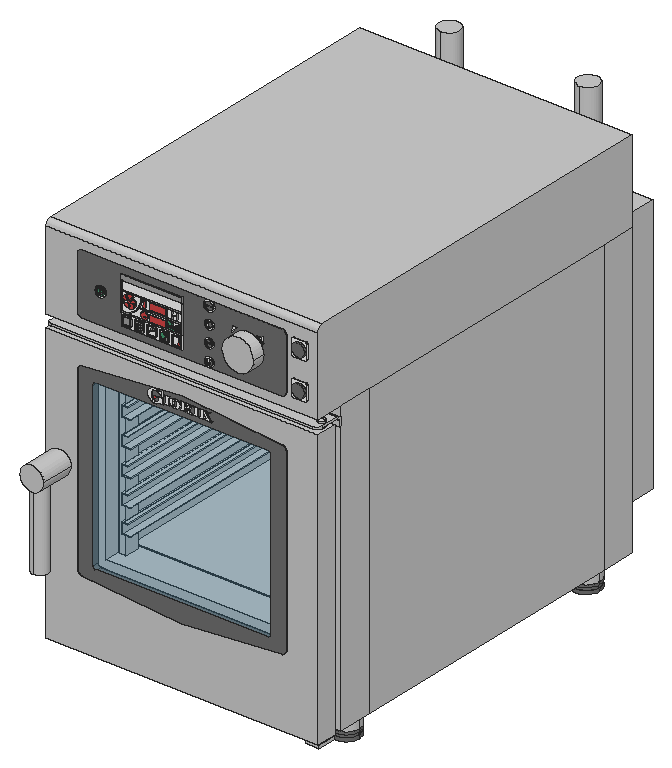
Revit family "QF_GIORIK_KHG061_KTG061_KHG061W_KTG061W", category Specialty Equipment, Revit 2014
Parameters (values of type "KHG061")
  Weight in Pounds = 211.644
  Watts = 1300 W
  Waste Water Discharge Temperature = 0 °C
  Volts = 230 V
  URL Cutsheet = ""
  URL = "www.giorik.com"
  Show Legs [instance] = yes
  Plumbing Remarks [instance] = ""
  Plumbing Connection Type [instance] = ""
  Mechanical Remarks [instance] = ""
  Mechanical Connection Type [instance] = ""
  Legs height [instance] = if(Show Legs, 55 mm, 0 mm)  # 55 mm
  Indirect Waste Size = 1 1/2"
  Indirect Waste Flow = 0.0 L/s
  Indirect Waste Connection Type [instance] = ""
  Indirect Waste Connection Height = 89 mm
  Gas Size = 1"
  Gas RI Height [instance] = 0 mm
  Gas KW = 5.5
  Gas Input = 5500 W
  Gas Connection Height = 714 mm
  Touch screen control = yes
  Status [instance] = ""
  Specification by User [instance] = ""
  Specification by Manufacturer = ""
  Serial Number = ""
  Seismic Rating = ""
  SMACNA No = ""
  Right Hinged Door [instance] = yes
  Revision Code [instance] = ""
  Phase = 1
  Number of Poles [instance] = 1
  Left Hinged Door [instance] = not(Right Hinged Door)  # no
  NAFEM Spec ID Number = ""
  Model = "KHG061"
  Min Ckt Ampacity = 0 A
  Max Overcurrent Protection = 16 A
  Masterspec = ""
  Manufacturer = "GIORIK"
  Show Logo [instance] = yes
  Show Clearance [instance] = yes
  Item Number [instance] = ""
  Installed By [instance] = ""
  Identify Quantity as Lot [instance] = no
  HP = "0"
  Furnished By [instance] = ""
  Foodservice Equipment Identifier [instance] = yes
  FL Amps = 0 A
  Electrical Remarks [instance] = ""
  Electric Connection Type [instance] = ""
  Elec Conn RI Height [instance] = 0 mm
  Elec Conn Connection Height [instance] = 649 mm
  Description = "GAS OVEN 6 GN 1/1 COMBINED CONVECTION/STEAM TOUCH SCREEN CONTROL - HIGH EFFICIENCY BOILER VERSION"
  Cycle = 50 Hz
  Conn Plug = ""
  Conn Conduit [instance] = no
  Cold Water Temperature Recommended = 0 °C
  Cold Water Size = 3/4"
  Cold Water RI Height [instance] = 0 mm
  Cold Water Minimum Pressure [instance] = 150.0 kPa
  Cold Water Maximum Pressure [instance] = 600.0 kPa
  Cold Water Flow [instance] = 0.0 L/s
  Cold Water Consumption [instance] = ""
  Cold Water Connection Height = 98 mm
  CSI MasterFormat = ""
  Assembly Code = "E1090320"
  Apparent Power = 1300 VA
Reference planes
  plane 1 "Back": y = 0
  plane 2: z = 0
  plane 3 "Left": x = 0
  plane 4 "Right": x = 519
  plane 5 "Front": y = -835
  plane 6 "Top": z = 770
  plane 7 "Legs height": z = 55
  plane 8 "Front oven": y = -780
Forms (mm)
  Extrusion 1, solid
    sketch origin (0, 0, 0) x (1, 0, 0) y (0, 0, 1)
      loop
        line (0, 55) -> (519, 55) -> (519, 610) -> (0, 610) -> (0, 55)
    from 152 to 715
  Extrusion 2, solid
    sketch origin (0, -835, 0) x (-1, 0, 0) y (0, 0, 1)
      loop
        line (-519, 585) -> (-519, 55) -> (0, 55) -> (0, 585) -> (-519, 585)
      loop
        line (-60, 195.46) -> (-60, 534.54)
        arc (-60, 534.54) -> (-62.377, 541.012) -> (-68.379, 544.407) r 10
        arc (-68.379, 544.407) -> (-259.5, 560) -> (-450.621, 544.407) r 1179.096
        arc (-450.621, 544.407) -> (-456.623, 541.012) -> (-459, 534.54) r 10
        line (-459, 534.54) -> (-459, 195.46)
        arc (-459, 195.46) -> (-456.623, 188.988) -> (-450.621, 185.593) r 10
        arc (-450.621, 185.593) -> (-259.5, 170) -> (-68.379, 185.593) r 1179.096
        arc (-68.379, 185.593) -> (-62.377, 188.988) -> (-60, 195.46) r 10
    from 0 to 40
  Extrusion 3, solid, visible <- "Right Hinged Door"
    sketch origin (-275, -835, 80) x (-1, 0, 0) y (0, 0, 1)
      loop
        circle (-300, 285) r 22.5
    from 0 to -65
  Extrusion 4, solid
    sketch origin (0, -835, 0) x (-1, 0, 0) y (0, 0, 1)
      loop
        line (-96, 525) -> (-423, 525)
        arc (-423, 525) -> (-427.243, 523.243) -> (-429, 519) r 6
        line (-429, 519) -> (-429, 211)
        arc (-429, 211) -> (-427.243, 206.757) -> (-423, 205) r 6
        line (-423, 205) -> (-96, 205)
        arc (-96, 205) -> (-91.757, 206.757) -> (-90, 211) r 6
        line (-90, 211) -> (-90, 519)
        arc (-90, 519) -> (-91.757, 523.243) -> (-96, 525) r 6
    from 0 to 10
  Extrusion 5, solid
    sketch origin (0, 0, 770) x (0, 1, 0) y (-1, 0, 0)
      loop
        line (-749, -70.5) -> (-737, -70.5) -> (-737, -69.5) -> (-750, -69.5) -> (-750, -85) -> (-723, -85) -> (-723, -84) -> (-749, -84) -> (-749, -70.5)
      loop
        line (-259, -105.5) -> (-259, -84) -> (-284, -84) -> (-284, -85) -> (-260, -85) -> (-260, -106.5) -> (-252, -106.5) -> (-252, -105.5) -> (-259, -105.5)
      loop
        line (-749, -448.5) -> (-749, -435) -> (-723, -435) -> (-723, -434) -> (-750, -434) -> (-750, -449.5) -> (-737, -449.5) -> (-737, -448.5) -> (-749, -448.5)
      loop
        line (-259, -413.5) -> (-252, -413.5) -> (-252, -412.5) -> (-260, -412.5) -> (-260, -434) -> (-284, -434) -> (-284, -435) -> (-259, -435) -> (-259, -413.5)
    from -211 to -581
  Extrusion 6, solid
    sketch origin (0, -780, 0) x (-1, 0, 0) y (0, 0, 1)
      loop
        line (-101, 231) -> (-101, 230) -> (-85, 230) -> (-85, 250) -> (-95, 250) -> (-95, 249) -> (-86, 249) -> (-86, 231) -> (-101, 231)
      loop
        line (-418, 231) -> (-433, 231) -> (-433, 249) -> (-424, 249) -> (-424, 250) -> (-434, 250) -> (-434, 230) -> (-418, 230) -> (-418, 231)
      loop
        line (-101, 281) -> (-101, 280) -> (-85, 280) -> (-85, 300) -> (-95, 300) -> (-95, 299) -> (-86, 299) -> (-86, 281) -> (-101, 281)
      loop
        line (-418, 281) -> (-433, 281) -> (-433, 299) -> (-424, 299) -> (-424, 300) -> (-434, 300) -> (-434, 280) -> (-418, 280) -> (-418, 281)
      loop
        line (-101, 331) -> (-101, 330) -> (-85, 330) -> (-85, 350) -> (-95, 350) -> (-95, 349) -> (-86, 349) -> (-86, 331) -> (-101, 331)
      loop
        line (-418, 331) -> (-433, 331) -> (-433, 349) -> (-424, 349) -> (-424, 350) -> (-434, 350) -> (-434, 330) -> (-418, 330) -> (-418, 331)
      loop
        line (-101, 381) -> (-101, 380) -> (-85, 380) -> (-85, 400) -> (-95, 400) -> (-95, 399) -> (-86, 399) -> (-86, 381) -> (-101, 381)
      loop
        line (-418, 381) -> (-433, 381) -> (-433, 399) -> (-424, 399) -> (-424, 400) -> (-434, 400) -> (-434, 380) -> (-418, 380) -> (-418, 381)
      loop
        line (-101, 431) -> (-101, 430) -> (-85, 430) -> (-85, 450) -> (-95, 450) -> (-95, 449) -> (-86, 449) -> (-86, 431) -> (-101, 431)
      loop
        line (-418, 431) -> (-433, 431) -> (-433, 449) -> (-424, 449) -> (-424, 450) -> (-434, 450) -> (-434, 430) -> (-418, 430) -> (-418, 431)
      loop
        line (-101, 481) -> (-101, 480) -> (-85, 480) -> (-85, 500) -> (-95, 500) -> (-95, 499) -> (-86, 499) -> (-86, 481) -> (-101, 481)
      loop
        line (-418, 481) -> (-433, 481) -> (-433, 499) -> (-424, 499) -> (-424, 500) -> (-434, 500) -> (-434, 480) -> (-418, 480) -> (-418, 481)
    from 20 to 520
  Extrusion 7, solid, visible <- "Show Clearance", detail levels coarse
    sketch origin (430, -505, 0) x (1, 0, 0) y (0, 1, 0)
      loop
        line (-430, -330) -> (-430, 505) -> (89, 505) -> (89, -330) -> (189, -330) -> (189, 605) -> (-530, 605) -> (-530, -330) -> (-430, -330)
    from 0 to 770
  Extrusion 8, solid, visible <- "Right Hinged Door", detail levels coarse
    sketch origin (0, -40, 55) x (0, 1, 0) y (-1, 0, 0)
      loop
        line (-795, -519) -> (-795, 0)
        arc (-795, 0) -> (-1150.31, -135.689) -> (-1314, -479) r 512
        line (-1314, -479) -> (-1314, -519) -> (-795, -519)
    from 0 to 530
  Extrusion 9, solid
    sketch origin (0, -835, 0) x (-1, 0, 0) y (0, 0, 1)
      loop
        arc (-450.621, 544.407) -> (-456.623, 541.012) -> (-459, 534.54) r 10
        line (-459, 534.54) -> (-459, 195.46)
        arc (-459, 195.46) -> (-456.623, 188.988) -> (-450.621, 185.593) r 10
        arc (-450.621, 185.593) -> (-259.5, 170) -> (-68.379, 185.593) r 1179.096
        arc (-68.379, 185.593) -> (-62.377, 188.988) -> (-60, 195.46) r 10
        line (-60, 195.46) -> (-60, 534.54)
        arc (-60, 534.54) -> (-62.377, 541.012) -> (-68.379, 544.407) r 10
        arc (-68.379, 544.407) -> (-259.5, 560) -> (-450.621, 544.407) r 1179.096
      loop
        arc (-90, 519) -> (-91.757, 523.243) -> (-96, 525) r 6
        line (-96, 525) -> (-423, 525)
        arc (-423, 525) -> (-427.243, 523.243) -> (-429, 519) r 6
        line (-429, 519) -> (-429, 211)
        arc (-429, 211) -> (-427.243, 206.757) -> (-423, 205) r 6
        line (-423, 205) -> (-96, 205)
        arc (-96, 205) -> (-91.757, 206.757) -> (-90, 211) r 6
        line (-90, 211) -> (-90, 519)
    from 0 to 10
  Extrusion 10, solid, visible <- "Right Hinged Door"
    sketch origin (-275, -40, 770) x (0, 1, 0) y (-1, 0, 0)
      loop
        circle (-841, -300) r 15
    from -570 to -405
  Extrusion 11, solid
    sketch origin (175, 152, 55) x (0, 1, 0) y (-1, 0, 0)
      loop
        circle (-203, -125) r 9.55
    from 60 to 34
  Extrusion 12, void
    sketch origin (-1000, 0, 0) x (1, 0, 0) y (0, 0, 1)
      loop
        line (1069.5, 559) -> (1069.5, 189) -> (1449.5, 189) -> (1449.5, 559) -> (1069.5, 559)
    from 232 to 780
  Extrusion 13, solid
    sketch origin (356.5, 0, -1) x (1, 0, 0) y (0, 0, 1)
      loop
        circle (80.5, 90) r 19.05
    from 77 to 87
  Extrusion 14, solid
    sketch origin (519, -40, -185) x (0, -1, 0) y (0, 0, 1)
      loop
        arc (748.5, 780.001) -> (742.49, 777.511) -> (740, 771.501) r 8.5
        line (740, 771.501) -> (740, 761) -> (743, 761) -> (743, 771.501)
        arc (743, 771.501) -> (744.611, 775.39) -> (748.5, 777.001) r 5.5
        line (748.5, 777.001) -> (748.5, 780.001)
    from 0 to 519
  Extrusion 15, solid
    sketch origin (0, -32, 770) x (0, 1, 0) y (-1, 0, 0)
      loop
        line (-756.5, 0) -> (-793, 0)
        arc (-793, 0) -> (-800.071, -2.929) -> (-803, -10) r 10
        line (-803, -10) -> (-803, -509)
        arc (-803, -509) -> (-800.071, -516.071) -> (-793, -519) r 10
        line (-793, -519) -> (-756.5, -519) -> (-756.5, 0)
    from -178 to -175
  Extrusion 16, solid, visible <- "Touch screen control"
    sketch origin (-500, -835, -40) x (-1, 0, 0) y (0, 0, 1)
      loop
        line (-604.2, 732.451) -> (-605.8, 732.451) -> (-605.8, 725) -> (-604.2, 725) -> (-604.2, 732.451)
      loop
        line (-606.5, 731.325) -> (-606.5, 729.77)
        arc (-606.5, 729.77) -> (-605, 720) -> (-603.5, 729.77) r 5
        line (-603.5, 729.77) -> (-603.5, 731.325)
        arc (-603.5, 731.325) -> (-605, 718.5) -> (-606.5, 731.325) r 6.5
      loop
        circle (-725.279, 691.84) r 4.5
      loop
        line (-758.755, 720.908) -> (-758.755, 707.352) -> (-756.151, 707.352) -> (-756.151, 720.908) -> (-758.755, 720.908)
      loop
        line (-754.755, 718.908) -> (-754.755, 707.352) -> (-752.151, 707.352) -> (-752.151, 718.908) -> (-754.755, 718.908)
      loop
        line (-750.755, 716.908) -> (-750.755, 707.352) -> (-748.151, 707.352) -> (-748.151, 716.908) -> (-750.755, 716.908)
      loop
        line (-746.755, 714.908) -> (-746.755, 707.352) -> (-744.151, 707.352) -> (-744.151, 714.908) -> (-746.755, 714.908)
      loop
        line (-742.755, 712.908) -> (-742.755, 707.352) -> (-740.151, 707.352) -> (-740.151, 712.908) -> (-742.755, 712.908)
      loop
        line (-738.755, 710.908) -> (-738.755, 707.352) -> (-736.151, 707.352) -> (-736.151, 710.908) -> (-738.755, 710.908)
      loop
        circle (-738.173, 718.223) r 4
    from 0 to -2
  Extrusion 17, solid, visible <- "Touch screen control"
    sketch origin (-500, -835, -35) x (-1, 0, 0) y (0, 0, 1)
      loop
        arc (-690.938, 726.13) -> (-689.438, 721.413) -> (-687.938, 726.13) r 2.597
        line (-687.938, 726.13) -> (-687.938, 733.989)
        arc (-687.938, 733.989) -> (-689.438, 735.489) -> (-690.938, 733.989) r 1.5
        line (-690.938, 733.989) -> (-690.938, 726.13)
      loop
        line (-700.102, 734.432) -> (-730.102, 734.432) -> (-730.102, 721.873) -> (-700.102, 721.873) -> (-700.102, 734.432)
      loop
        line (-700.102, 714.432) -> (-730.102, 714.432) -> (-730.102, 701.873) -> (-700.102, 701.873) -> (-700.102, 714.432)
      loop
        circle (-689.163, 708.706) r 7
      loop
        circle (-660.557, 722.463) r 2.5
      loop
        line (-659.449, 725.572) -> (-656.829, 731.19) -> (-658.704, 734.438)
        arc (-658.704, 734.438) -> (-664.206, 734.155) -> (-668.842, 731.18) r 10.731
        line (-668.842, 731.18) -> (-664.348, 731.18) -> (-661.824, 725.511)
        arc (-661.824, 725.511) -> (-660.642, 725.762) -> (-659.449, 725.572) r 3.3
      loop
        line (-663.171, 724.478) -> (-667.705, 728.706) -> (-671.373, 727.926)
        arc (-671.373, 727.926) -> (-672.804, 722.606) -> (-671.407, 717.277) r 10.731
        line (-671.407, 717.277) -> (-670.018, 721.551) -> (-663.846, 722.2)
        arc (-663.846, 722.2) -> (-663.721, 723.402) -> (-663.171, 724.478) r 3.3
      loop
        line (-657.258, 722.37) -> (-651.105, 721.615) -> (-648.595, 724.401)
        arc (-648.595, 724.401) -> (-650.565, 729.547) -> (-654.827, 733.037) r 10.731
        line (-654.827, 733.037) -> (-653.438, 728.762) -> (-658.05, 724.61)
        arc (-658.05, 724.61) -> (-657.445, 723.564) -> (-657.258, 722.37) r 3.3
      loop
        line (-663.28, 720.599) -> (-668.702, 717.594) -> (-669.094, 713.864)
        arc (-669.094, 713.864) -> (-664.477, 710.859) -> (-658.977, 710.541) r 10.731
        line (-658.977, 710.541) -> (-662.613, 713.183) -> (-661.323, 719.253)
        arc (-661.323, 719.253) -> (-662.427, 719.744) -> (-663.28, 720.599) r 3.3
      loop
        line (-659.626, 719.297) -> (-658.443, 713.212) -> (-655.017, 711.686)
        arc (-655.017, 711.686) -> (-650.732, 715.149) -> (-648.73, 720.282) r 10.731
        line (-648.73, 720.282) -> (-652.366, 717.64) -> (-657.741, 720.742)
        arc (-657.741, 720.742) -> (-658.549, 719.844) -> (-659.626, 719.297) r 3.3
      loop
        line (-687.655, 707.008) -> (-689.17, 708.279) -> (-684.047, 711.735) -> (-684.733, 712.752) -> (-690.148, 709.1) -> (-693.772, 712.14) -> (-694.56, 711.2) -> (-691.206, 708.386) -> (-692.349, 707.615) -> (-691.663, 706.598) -> (-690.228, 707.565) -> (-688.443, 706.068) -> (-687.655, 707.008)
      loop
        arc (-757.5, 684.717) -> (-756, 680) -> (-754.5, 684.717) r 2.597
        line (-754.5, 684.717) -> (-754.5, 692.576)
        arc (-754.5, 692.576) -> (-756, 694.076) -> (-757.5, 692.576) r 1.5
        line (-757.5, 692.576) -> (-757.5, 684.717)
    from 0 to -2
  Extrusion 18, solid, visible <- "Right Hinged Door"
    sketch origin (-341, -40, 55) x (0, 1, 0) y (-1, 0, 0)
      loop
        line (-791.5, -859) -> (-756.5, -859) -> (-744, -841) -> (-684, -841) -> (-684, -829)
        arc (-684, -829) -> (-692.752, -810) -> (-684, -791) r 25
        line (-684, -791) -> (-684, -781) -> (-738.5, -781) -> (-791.5, -834) -> (-791.5, -859)
    from -3 to -8
  Revolve 19, solid, visible <- "Right Hinged Door"
    sketch origin (-341, -813, -185) x (-1, 0, 0) y (0, 0, 1)
      loop
        line (-848.5, 785.401) -> (-848.5, 770) -> (-842.5, 770) -> (-842.5, 774.5) -> (-839, 774.5) -> (-839, 777) -> (-841.5, 777) -> (-841.5, 781.5) -> (-845, 785.401) -> (-848.5, 785.401)
      axis (-848.5, 785.401) -> (-848.5, 770)
    angle from 0 to 360
  Revolve 20, solid, visible <- "Right Hinged Door"
    sketch origin (-341, -813, 0) x (-1, 0, 0) y (0, 0, 1)
      loop
        line (-848.5, 41.599) -> (-845, 41.599) -> (-841.5, 45.5) -> (-841.5, 52.5) -> (-838, 52.5) -> (-838, 55) -> (-848.5, 55) -> (-848.5, 41.599)
      axis (-848.5, 41.599) -> (-848.5, 55)
    angle from 0 to 360
  Extrusion 21, solid, visible <- "Left Hinged Door"
    sketch origin (794, -835, 80) x (1, 0, 0) y (0, 0, -1)
      loop
        circle (-300, -285) r 22.5
    from 0 to -65
  Extrusion 22, solid, visible <- "Left Hinged Door", detail levels coarse
    sketch origin (1135, -40, 55) x (0, 1, 0) y (-1, 0, 0)
      loop
        line (-795, 1135) -> (-1314, 1135) -> (-1314, 1095)
        arc (-1314, 1095) -> (-1150.31, 751.689) -> (-795, 616) r 512
        line (-795, 616) -> (-795, 1135)
    from 0 to 530
  Extrusion 23, solid, visible <- "Left Hinged Door"
    sketch origin (794, -40, 770) x (0, 1, 0) y (-1, 0, 0)
      loop
        circle (-841, 300) r 15
    from -570 to -405
  Revolve 24, solid, visible <- "Left Hinged Door"
    sketch origin (860, -813, 0) x (1, 0, 0) y (0, 0, -1)
      loop
        line (-848.5, -41.599) -> (-848.5, -55) -> (-838, -55) -> (-838, -52.5) -> (-841.5, -52.5) -> (-841.5, -45.5) -> (-845, -41.599) -> (-848.5, -41.599)
      axis (-848.5, -41.599) -> (-848.5, -55)
    angle from 0 to 360
  Extrusion 25, solid, visible <- "Touch screen control"
    sketch origin (-500, -835, -50) x (-1, 0, 0) y (0, 0, 1)
      loop
        circle (-605, 735) r 10
      loop
        circle (-605, 735) r 8.5
      loop
        circle (-812, 783) r 10
      loop
        circle (-812, 783) r 8.5
      loop
        circle (-812, 751) r 8.5
      loop
        circle (-812, 751) r 7
      loop
        circle (-812, 719) r 8.5
      loop
        circle (-812, 719) r 7
      loop
        circle (-812, 687) r 8.5
      loop
        circle (-812, 687) r 7
      loop
        line (-645, 690) -> (-645, 780) -> (-761, 780) -> (-761, 690) -> (-645, 690)
      loop
        line (-818.5, 782.5) -> (-805.5, 782.5) -> (-805.5, 783.5) -> (-818.5, 783.5) -> (-818.5, 782.5)
      loop
        line (-854.895, 753.105) -> (-856.495, 764.486) -> (-865.962, 764.486)
        arc (-865.962, 764.486) -> (-859.858, 759.35) -> (-854.895, 753.105) r 40
      loop
        arc (-811, 687.209) -> (-812, 692) -> (-813, 687.209) r 2.5
        line (-813, 687.209) -> (-813, 684)
        arc (-813, 684) -> (-812, 683) -> (-811, 684) r 1
        line (-811, 684) -> (-811, 687.209)
      loop
        arc (-915.105, 753.105) -> (-910.142, 759.35) -> (-904.038, 764.486) r 40
        line (-904.038, 764.486) -> (-913.505, 764.486) -> (-915.105, 753.105)
      loop
        line (-807, 720.427) -> (-817, 720.427) -> (-817, 717.547) -> (-807, 717.547) -> (-807, 720.427)
      loop
        line (-815.767, 746.618) -> (-807.756, 746.618) -> (-807.756, 755.305) -> (-809.708, 755.305) -> (-809.708, 756.559) -> (-812.516, 754.805) -> (-809.708, 753.051) -> (-809.708, 754.305) -> (-808.756, 754.305) -> (-808.756, 747.618) -> (-815.767, 747.618) -> (-815.767, 746.618)
    from 0.5 to -1.5
  Extrusion 26, solid, visible <- "Touch screen control"
    sketch origin (-500, -835, -68) x (-1, 0, 0) y (0, 0, 1)
      loop
        line (-645, 798) -> (-761, 798) -> (-761, 788) -> (-761, 733) -> (-645, 733) -> (-645, 788) -> (-645, 798)
      loop
        line (-760, 788) -> (-760, 771.245) -> (-646, 771.245) -> (-646, 788) -> (-760, 788)
      loop
        line (-649, 729) -> (-661, 729)
        arc (-661, 729) -> (-663.121, 728.121) -> (-664, 726) r 3
        line (-664, 726) -> (-664, 714)
        arc (-664, 714) -> (-663.121, 711.879) -> (-661, 711) r 3
        line (-661, 711) -> (-649, 711)
        arc (-649, 711) -> (-646.879, 711.879) -> (-646, 714) r 3
        line (-646, 714) -> (-646, 726)
        arc (-646, 726) -> (-646.879, 728.121) -> (-649, 729) r 3
      loop
        line (-649, 728) -> (-661, 728)
        arc (-661, 728) -> (-662.414, 727.414) -> (-663, 726) r 2
        line (-663, 726) -> (-663, 714)
        arc (-663, 714) -> (-662.414, 712.586) -> (-661, 712) r 2
        line (-661, 712) -> (-649, 712)
        arc (-649, 712) -> (-647.586, 712.586) -> (-647, 714) r 2
        line (-647, 714) -> (-647, 726)
        arc (-647, 726) -> (-647.586, 727.414) -> (-649, 728) r 2
      loop
        line (-673, 729) -> (-685, 729)
        arc (-685, 729) -> (-687.121, 728.121) -> (-688, 726) r 3
        line (-688, 726) -> (-688, 714)
        arc (-688, 714) -> (-687.121, 711.879) -> (-685, 711) r 3
        line (-685, 711) -> (-673, 711)
        arc (-673, 711) -> (-670.879, 711.879) -> (-670, 714) r 3
        line (-670, 714) -> (-670, 726)
        arc (-670, 726) -> (-670.879, 728.121) -> (-673, 729) r 3
      loop
        line (-673, 728) -> (-685, 728)
        arc (-685, 728) -> (-686.414, 727.414) -> (-687, 726) r 2
        line (-687, 726) -> (-687, 714)
        arc (-687, 714) -> (-686.414, 712.586) -> (-685, 712) r 2
        line (-685, 712) -> (-673, 712)
        arc (-673, 712) -> (-671.586, 712.586) -> (-671, 714) r 2
        line (-671, 714) -> (-671, 726)
        arc (-671, 726) -> (-671.586, 727.414) -> (-673, 728) r 2
      loop
        line (-697, 729) -> (-709, 729)
        arc (-709, 729) -> (-711.121, 728.121) -> (-712, 726) r 3
        line (-712, 726) -> (-712, 714)
        arc (-712, 714) -> (-711.121, 711.879) -> (-709, 711) r 3
        line (-709, 711) -> (-697, 711)
        arc (-697, 711) -> (-694.879, 711.879) -> (-694, 714) r 3
        line (-694, 714) -> (-694, 726)
        arc (-694, 726) -> (-694.879, 728.121) -> (-697, 729) r 3
      loop
        line (-697, 728) -> (-709, 728)
        arc (-709, 728) -> (-710.414, 727.414) -> (-711, 726) r 2
        line (-711, 726) -> (-711, 714)
        arc (-711, 714) -> (-710.414, 712.586) -> (-709, 712) r 2
        line (-709, 712) -> (-697, 712)
        arc (-697, 712) -> (-695.586, 712.586) -> (-695, 714) r 2
        line (-695, 714) -> (-695, 726)
        arc (-695, 726) -> (-695.586, 727.414) -> (-697, 728) r 2
      loop
        line (-721, 729) -> (-733, 729)
        arc (-733, 729) -> (-735.121, 728.121) -> (-736, 726) r 3
        line (-736, 726) -> (-736, 714)
        arc (-736, 714) -> (-735.121, 711.879) -> (-733, 711) r 3
        line (-733, 711) -> (-721, 711)
        arc (-721, 711) -> (-718.879, 711.879) -> (-718, 714) r 3
        line (-718, 714) -> (-718, 726)
        arc (-718, 726) -> (-718.879, 728.121) -> (-721, 729) r 3
      loop
        line (-721, 728) -> (-733, 728)
        arc (-733, 728) -> (-734.414, 727.414) -> (-735, 726) r 2
        line (-735, 726) -> (-735, 714)
        arc (-735, 714) -> (-734.414, 712.586) -> (-733, 712) r 2
        line (-733, 712) -> (-721, 712)
        arc (-721, 712) -> (-719.586, 712.586) -> (-719, 714) r 2
        line (-719, 714) -> (-719, 726)
        arc (-719, 726) -> (-719.586, 727.414) -> (-721, 728) r 2
      loop
        line (-745, 729) -> (-757, 729)
        arc (-757, 729) -> (-759.121, 728.121) -> (-760, 726) r 3
        line (-760, 726) -> (-760, 714)
        arc (-760, 714) -> (-759.121, 711.879) -> (-757, 711) r 3
        line (-757, 711) -> (-745, 711)
        arc (-745, 711) -> (-742.879, 711.879) -> (-742, 714) r 3
        line (-742, 714) -> (-742, 726)
        arc (-742, 726) -> (-742.879, 728.121) -> (-745, 729) r 3
      loop
        line (-745, 728) -> (-757, 728)
        arc (-757, 728) -> (-758.414, 727.414) -> (-759, 726) r 2
        line (-759, 726) -> (-759, 714)
        arc (-759, 714) -> (-758.414, 712.586) -> (-757, 712) r 2
        line (-757, 712) -> (-745, 712)
        arc (-745, 712) -> (-743.586, 712.586) -> (-743, 714) r 2
        line (-743, 714) -> (-743, 726)
        arc (-743, 726) -> (-743.586, 727.414) -> (-745, 728) r 2
      loop
        line (-760, 734) -> (-732.283, 734) -> (-732.283, 751.245) -> (-760, 751.245) -> (-760, 734)
      loop
        line (-646, 734) -> (-646, 770.245) -> (-683.232, 770.245)
        arc (-683.232, 770.245) -> (-674.645, 747.082) -> (-653.689, 734) r 38.245
        line (-653.689, 734) -> (-646, 734)
      loop
        arc (-679.339, 752.245) -> (-682.871, 760.95) -> (-684.233, 770.245) r 39.245
        line (-684.233, 770.245) -> (-731.283, 770.245) -> (-731.283, 752.245) -> (-679.339, 752.245)
      loop
        line (-678.767, 751.245) -> (-731.283, 751.245) -> (-731.283, 734) -> (-657.369, 734)
        arc (-657.369, 734) -> (-669.627, 740.688) -> (-678.767, 751.245) r 39.245
      loop
        line (-760, 752.245) -> (-732.283, 752.245) -> (-732.283, 770.245) -> (-760, 770.245) -> (-760, 752.245)
      loop
        line (-697.094, 717.465) -> (-701.225, 721.596)
        arc (-701.225, 721.596) -> (-702.562, 724.46) -> (-705.585, 725.385) r 3.889
        line (-705.585, 725.385) -> (-708.039, 725.385)
        arc (-708.039, 725.385) -> (-709.54, 723.884) -> (-708.039, 722.384) r 1.501
        line (-708.039, 722.384) -> (-706.381, 722.384)
        arc (-706.381, 722.384) -> (-704.72, 720.777) -> (-702.444, 720.377) r 3.942
        line (-702.444, 720.377) -> (-698.312, 716.246)
        arc (-698.312, 716.246) -> (-697.094, 716.246) -> (-697.094, 717.465) r 0.862
      loop
        line (-683.054, 726.463) -> (-683.054, 723.694) -> (-671.81, 723.694) -> (-671.81, 726.463) -> (-683.054, 726.463)
      loop
        line (-683.054, 721.811) -> (-683.054, 719.042) -> (-671.81, 719.042) -> (-671.81, 721.811) -> (-683.054, 721.811)
      loop
        line (-683.054, 716.811) -> (-683.054, 714.042) -> (-671.81, 714.042) -> (-671.81, 716.811) -> (-683.054, 716.811)
      loop
        line (-649, 726) -> (-661, 726) -> (-661, 714) -> (-649, 714) -> (-649, 726)
      loop
        line (-754.5, 717.717) -> (-754.5, 725.576)
        arc (-754.5, 725.576) -> (-756, 727.076) -> (-757.5, 725.576) r 1.5
        line (-757.5, 725.576) -> (-757.5, 717.717)
        arc (-757.5, 717.717) -> (-756, 713) -> (-754.5, 717.717) r 2.597
      loop
        line (-731.081, 717.297) -> (-731.081, 723.597)
        arc (-731.081, 723.597) -> (-732.283, 724.8) -> (-733.486, 723.597) r 1.202
        line (-733.486, 723.597) -> (-733.486, 717.297)
        arc (-733.486, 717.297) -> (-732.283, 713.515) -> (-731.081, 717.297) r 2.082
      loop
        line (-742.163, 767.702) -> (-742.163, 762.021) -> (-750.12, 762.021) -> (-750.12, 767.702) -> (-751.74, 767.702) -> (-751.74, 754.74) -> (-750.12, 754.74) -> (-750.12, 760.421) -> (-742.163, 760.421) -> (-742.163, 754.74) -> (-740.543, 754.74) -> (-740.543, 767.702) -> (-742.163, 767.702)
    from 0 to -2
  Extrusion 27, solid, visible <- "Show Logo", detail levels medium+fine
    sketch origin (121.547, -835, 71.721) x (-1, 0, 0) y (0, 0, 1)
      loop
        line (-104.547, 478.962) -> (-115.547, 478.962) -> (-112.754, 476.618) -> (-112.754, 466.306) -> (-115.547, 463.962) -> (-104.547, 463.962) -> (-107.34, 466.306) -> (-107.34, 476.618) -> (-104.547, 478.962)
      loop
        line (-159.547, 478.962) -> (-170.547, 478.962) -> (-167.754, 476.618) -> (-167.754, 466.306) -> (-170.547, 463.962) -> (-159.547, 463.962) -> (-162.34, 466.306) -> (-162.34, 476.618) -> (-159.547, 478.962)
      loop
        line (-172.547, 478.962) -> (-183.547, 478.962) -> (-180.754, 476.618) -> (-180.754, 471.706) -> (-187.354, 477.244) -> (-184.9, 478.962) -> (-193.294, 478.962) -> (-189.303, 477.101) -> (-186.172, 473.97) -> (-192.777, 466.098) -> (-195.9, 464.962) -> (-195.9, 463.962) -> (-184.9, 463.962) -> (-186.151, 465.747) -> (-182.483, 470.625) -> (-180.754, 469.818) -> (-180.754, 466.306) -> (-183.547, 463.962) -> (-172.547, 463.962) -> (-175.34, 466.306) -> (-175.34, 476.618) -> (-172.547, 478.962)
      loop
        line (-100.387, 483.5) -> (-100.387, 473.865)
        arc (-100.387, 473.865) -> (-95.719, 478.282) -> (-89.875, 480.956) r 19.648
        arc (-89.875, 480.956) -> (-85.547, 480.774) -> (-82.114, 478.131) r 7.168
        arc (-82.114, 478.131) -> (-80.034, 471.5) -> (-82.114, 464.868) r 11.613
        arc (-82.114, 464.868) -> (-84.434, 462.581) -> (-87.423, 461.287) r 8.864
        arc (-87.423, 461.287) -> (-90.954, 461.508) -> (-93.801, 463.608) r 6.26
        line (-93.801, 463.608) -> (-93.801, 471.174) -> (-101.26, 471.174) -> (-101.26, 463.213) -> (-103.406, 461.068) -> (-98.753, 462.314)
        arc (-98.753, 462.314) -> (-96.873, 462.533) -> (-95.12, 461.821) r 3.816
        arc (-95.12, 461.821) -> (-86.651, 459.034) -> (-78.183, 461.821) r 14.26
        arc (-78.183, 461.821) -> (-73.396, 471.305) -> (-78.183, 480.788) r 11.787
        arc (-78.183, 480.788) -> (-86.838, 483.637) -> (-95.494, 480.788) r 14.575
        line (-95.494, 480.788) -> (-100.387, 483.5)
      loop
        arc (-117.299, 476.157) -> (-125.457, 479.293) -> (-133.615, 476.157) r 12.178
        arc (-133.615, 476.157) -> (-135.675, 471.524) -> (-133.615, 466.891) r 6.24
        arc (-133.615, 466.891) -> (-125.457, 463.755) -> (-117.299, 466.891) r 12.178
        arc (-117.299, 466.891) -> (-115.239, 471.524) -> (-117.299, 476.157) r 6.24
      loop
        arc (-121.457, 474.117) -> (-125.457, 478.117) -> (-129.457, 474.117) r 4
        line (-129.457, 474.117) -> (-129.457, 468.931)
        arc (-129.457, 468.931) -> (-125.457, 464.931) -> (-121.457, 468.931) r 4
        line (-121.457, 468.931) -> (-121.457, 474.117)
      loop
        arc (-150.534, 478.971) -> (-154.557, 474.947) -> (-150.534, 470.923) r 4.024
        line (-150.534, 470.923) -> (-154.412, 465.423) -> (-157.545, 463.962) -> (-149.901, 463.962) -> (-147.062, 470.05) -> (-143.519, 470.05) -> (-143.519, 466.008) -> (-146.441, 463.962) -> (-135.402, 463.962) -> (-137.953, 465.881) -> (-137.953, 476.677) -> (-135.669, 478.971) -> (-150.534, 478.971)
      loop
        line (-143.519, 477.926) -> (-147.194, 477.926)
        arc (-147.194, 477.926) -> (-150.379, 474.741) -> (-147.194, 471.556) r 3.185
        line (-147.194, 471.556) -> (-143.519, 471.556) -> (-143.519, 477.926)
    from 1 to -1
  Extrusion 28, solid, visible <- "Show Logo", detail levels medium+fine
    sketch origin (119.547, -835, 71.721) x (-1, 0, 0) y (0, 0, 1)
      loop
        line (-83.301, 471.174) -> (-95.301, 471.174) -> (-89.301, 466.174) -> (-83.301, 471.174)
    from 1 to -1
  Extrusion 29, solid, visible <- "Show Legs"
    sketch origin (-10, -60, 0) x (1, 0, 0) y (0, 1, 0)
      loop
        circle (60, -72) r 25
    from 0 to 6
  Extrusion 30, solid, visible <- "Show Legs"
    sketch origin (-10, -60, 0) x (1, 0, 0) y (0, 1, 0)
      loop
        circle (60, -72) r 25
    from 17 to 55
  Extrusion 31, solid, visible <- "Show Legs"
    sketch origin (409, -60, 0) x (1, 0, 0) y (0, 1, 0)
      loop
        circle (60, -72) r 25
    from 0 to 6
  Extrusion 32, solid, visible <- "Show Legs"
    sketch origin (409, -60, 0) x (1, 0, 0) y (0, 1, 0)
      loop
        circle (60, -72) r 25
    from 17 to 55
  Extrusion 33, solid, visible <- "Show Legs"
    sketch origin (-10, -626, 0) x (1, 0, 0) y (0, 1, 0)
      loop
        circle (60, -79) r 25
    from 0 to 6
  Extrusion 34, solid, visible <- "Show Legs"
    sketch origin (-10, -626, 0) x (1, 0, 0) y (0, 1, 0)
      loop
        circle (60, -79) r 25
    from 17 to 55
  Extrusion 35, solid, visible <- "Show Legs"
    sketch origin (409, -626, 0) x (1, 0, 0) y (0, 1, 0)
      loop
        circle (60, -79) r 25
    from 0 to 6
  Extrusion 36, solid, visible <- "Show Legs"
    sketch origin (409, -626, 0) x (1, 0, 0) y (0, 1, 0)
      loop
        circle (60, -79) r 25
    from 17 to 55
  Extrusion 37, solid, visible <- "Show Legs"
    sketch origin (-10, -60, 0) x (1, 0, 0) y (0, 1, 0)
      loop
        circle (60, -72) r 23
    from 6 to 12
  Extrusion 38, solid, visible <- "Show Legs"
    sketch origin (409, -60, 0) x (1, 0, 0) y (0, 1, 0)
      loop
        circle (60, -72) r 23
    from 6 to 12
  Extrusion 39, solid, visible <- "Show Legs"
    sketch origin (-10, -626, 0) x (1, 0, 0) y (0, 1, 0)
      loop
        circle (60, -79) r 23
    from 6 to 12
  Extrusion 40, solid, visible <- "Show Legs"
    sketch origin (409, -626, 0) x (1, 0, 0) y (0, 1, 0)
      loop
        circle (60, -79) r 23
    from 6 to 12
  Extrusion 41, solid, visible <- "Show Legs"
    sketch origin (-10, -60, 0) x (1, 0, 0) y (0, 1, 0)
      loop
        circle (60, -72) r 25
    from 12 to 17
  Extrusion 42, solid, visible <- "Show Legs"
    sketch origin (409, -60, 0) x (1, 0, 0) y (0, 1, 0)
      loop
        circle (60, -72) r 25
    from 12 to 17
  Extrusion 43, solid, visible <- "Show Legs"
    sketch origin (-10, -626, 0) x (1, 0, 0) y (0, 1, 0)
      loop
        circle (60, -79) r 25
    from 12 to 17
  Extrusion 44, solid, visible <- "Show Legs"
    sketch origin (409, -626, 0) x (1, 0, 0) y (0, 1, 0)
      loop
        circle (60, -79) r 25
    from 12 to 17
  Extrusion 45, solid
    sketch origin (0, 0, 0) x (1, 0, 0) y (0, 0, 1)
      loop
        line (0, 55) -> (519, 55) -> (519, 610) -> (0, 610) -> (0, 55)
    from 87 to 152
  Extrusion 46, solid
    sketch origin (0, -835, 0) x (-1, 0, 0) y (0, 0, 1)
      loop
        arc (-60, 732.754) -> (-62.664, 739.55) -> (-69.236, 742.725) r 10
        arc (-69.236, 742.725) -> (-259.5, 750) -> (-449.764, 742.725) r 2491.516
        arc (-449.764, 742.725) -> (-456.336, 739.55) -> (-459, 732.754) r 10
        line (-459, 732.754) -> (-459, 637.246)
        arc (-459, 637.246) -> (-456.336, 630.45) -> (-449.764, 627.275) r 10
        arc (-449.764, 627.275) -> (-259.5, 620) -> (-69.236, 627.275) r 2491.516
        arc (-69.236, 627.275) -> (-62.664, 630.45) -> (-60, 637.246) r 10
        line (-60, 637.246) -> (-60, 732.754)
    from -0.5 to 2
  Extrusion 47, solid
    sketch origin (0, 0, 0) x (1, 0, 0) y (0, 0, 1)
      loop
        line (30, 115) -> (489, 115) -> (489, 610) -> (30, 610) -> (30, 115)
    from 0 to 87
  Extrusion 48, solid
    sketch origin (0, 0, 0) x (0, 1, 0) y (0, 0, 1)
      loop
        line (-87, 770) -> (-825, 770)
        arc (-825, 770) -> (-832.042, 767.042) -> (-835, 760) r 10.1
        line (-835, 760) -> (-835, 610) -> (-87, 610) -> (-87, 770)
    from 0 to 519
  Revolve 49, solid, visible <- "Left Hinged Door"
    sketch origin (860, -813, -185) x (1, 0, 0) y (0, 0, -1)
      loop
        line (-848.5, -785.401) -> (-845, -785.401) -> (-841.5, -781.5) -> (-841.5, -777) -> (-839, -777) -> (-839, -774.5) -> (-842.5, -774.5) -> (-842.5, -770) -> (-848.5, -770) -> (-848.5, -785.401)
      axis (-848.5, -785.401) -> (-848.5, -770)
    angle from 0 to 360
  Extrusion 50, solid, visible <- "Right Hinged Door"
    sketch origin (0, -32, 55) x (0, 1, 0) y (-1, 0, 0)
      loop
        circle (-712, -492) r 6
      loop
        circle (-700, -448) r 6
      loop
        circle (-725, -448) r 6
    from 0 to -12
  Extrusion 51, solid, visible <- "Left Hinged Door"
    sketch origin (860, -40, 55) x (0, 1, 0) y (-1, 0, 0)
      loop
        line (-791.5, 859) -> (-791.5, 834) -> (-738.5, 781) -> (-684, 781) -> (-684, 791)
        arc (-684, 791) -> (-692.752, 810) -> (-684, 829) r 25
        line (-684, 829) -> (-684, 841) -> (-744, 841) -> (-756.5, 859) -> (-791.5, 859)
    from -3 to -8
  Extrusion 52, solid, visible <- "Left Hinged Door"
    sketch origin (519, -32, 55) x (0, 1, 0) y (-1, 0, 0)
      loop
        circle (-712, 492) r 6
      loop
        circle (-700, 448) r 6
      loop
        circle (-725, 448) r 6
    from 0 to -12
  Extrusion 53, solid, visible <- "Touch screen control"
    sketch origin (0, -835, 0) x (-1, 0, 0) y (0, 0, 1)
      loop
        circle (-385, 685) r 30
    from 0 to -23.806
  Revolve 54, solid
    sketch origin (100, 236, 791.5) x (0, 0, 1) y (0, -1, 0)
      loop
        line (-77.5, 323) -> (-77.5, 315) -> (-66.5, 315)
        arc (-66.5, 315) -> (-62.868, 318.292) -> (-61.5, 323) r 9
        line (-61.5, 323) -> (-77.5, 323)
      axis (-77.5, 315) -> (-77.5, 323)
    angle from 0 to 360
  Extrusion 55, solid
    sketch origin (519, 0, 0) x (0, -1, 0) y (0, 0, 1)
      loop
        arc (87, 707) -> (85.536, 710.536) -> (82, 712) r 5
        line (82, 712) -> (77, 712) -> (77, 710) -> (82, 710)
        arc (82, 710) -> (84.121, 709.121) -> (85, 707) r 3
        line (85, 707) -> (85, 700) -> (75, 700) -> (75, 620) -> (87, 620) -> (87, 707)
    from 25 to 225
  Blend 56, solid
    base sketch origin (0, -5, 770) x (0, 1, 0) y (-1, 0, 0)
      loop
        circle (-27, -392) r 25
    top sketch origin (0, -5, 770) x (0, 1, 0) y (-1, 0, 0)
      loop
        circle (-27, -392) r 20
    from -160 to -152
  Extrusion 57, solid
    sketch origin (0, -5, 770) x (0, 1, 0) y (-1, 0, 0)
      loop
        circle (-27, -392) r 20
    from -152 to 22
  Extrusion 58, solid
    sketch origin (0, -780, 0) x (-1, 0, 0) y (0, 0, 1)
      loop
        line (0, 55) -> (0, 610) -> (-519, 610) -> (-519, 55) -> (0, 55)
      loop
        line (-69.5, 559) -> (-435, 559) -> (-435, 189) -> (-69.5, 189) -> (-69.5, 559)
    from 0 to 65
  Extrusion 59, solid
    sketch origin (0, -780, 0) x (-1, 0, 0) y (0, 0, 1)
      loop
        line (-504.063, 570) -> (-504.063, 70) -> (-14.937, 70) -> (-14.937, 570) -> (-504.063, 570)
      loop
        line (-29.937, 555) -> (-489.063, 555) -> (-489.063, 85) -> (-29.937, 85) -> (-29.937, 555)
    from 0 to -15
  Extrusion 60, solid
    sketch origin (0, -835, 1) x (-1, 0, 0) y (0, 0, 1)
      loop
        arc (-496, 735) -> (-498.121, 734.121) -> (-499, 732) r 3
        line (-499, 732) -> (-499, 706)
        arc (-499, 706) -> (-498.121, 703.879) -> (-496, 703) r 3
        line (-496, 703) -> (-474, 703)
        arc (-474, 703) -> (-471.879, 703.879) -> (-471, 706) r 3
        line (-471, 706) -> (-471, 732)
        arc (-471, 732) -> (-471.879, 734.121) -> (-474, 735) r 3
        line (-474, 735) -> (-496, 735)
    from 0 to -2
  Extrusion 61, solid
    sketch origin (0, -835, 1) x (-1, 0, 0) y (0, 0, 1)
      loop
        circle (-485, 719) r 12.5
    from -2 to -5
  Extrusion 62, solid
    sketch origin (0, -835, -69) x (-1, 0, 0) y (0, 0, 1)
      loop
        arc (-496, 735) -> (-498.121, 734.121) -> (-499, 732) r 3
        line (-499, 732) -> (-499, 706)
        arc (-499, 706) -> (-498.121, 703.879) -> (-496, 703) r 3
        line (-496, 703) -> (-474, 703)
        arc (-474, 703) -> (-471.879, 703.879) -> (-471, 706) r 3
        line (-471, 706) -> (-471, 732)
        arc (-471, 732) -> (-471.879, 734.121) -> (-474, 735) r 3
        line (-474, 735) -> (-496, 735)
    from 0 to -2
  Extrusion 63, solid
    sketch origin (0, -835, -69) x (-1, 0, 0) y (0, 0, 1)
      loop
        circle (-485, 719) r 12.5
    from -2 to -5
  Extrusion 64, solid
    sketch origin (0, 0, 0) x (1, 0, 0) y (0, 0, 1)
      loop
        circle (41, 714) r 12.7
    from 87 to 42
  Blend 65, solid
    base sketch origin (519, -5, 770) x (0, 1, 0) y (-1, 0, 0)
      loop
        circle (-27, 392) r 25
    top sketch origin (519, -5, 770) x (0, 1, 0) y (-1, 0, 0)
      loop
        circle (-27, 392) r 20
    from -160 to -152
  Extrusion 66, solid
    sketch origin (519, -5, 770) x (0, 1, 0) y (-1, 0, 0)
      loop
        circle (-27, 392) r 20
    from -152 to 22
Cuts and joins
  Extrusion 12 cuts Extrusion 1
Lines and regions (mm)
  symbolic lines, style "QF_Clearances", visible <- "Show Clearance", detail levels coarse
    curve 1: line (-100, -835, 1115) -> (-100, 100, 1115)
    curve 2: line (-100, 100, 1115) -> (619, 100, 1115)
    curve 3: line (619, 100, 1115) -> (619, -835, 1115)
  symbolic lines, style "200-EquipBorder-2D"
    curve 4: line (30, 0, 0) -> (489, 0, 0)
    curve 5: line (519, -87, 0) -> (519, -835, 0)
    curve 6: line (0, -87, 0) -> (0, -835, 0)
    curve 19: line (519, -835, 770) -> (0, -835, 770)
    curve 23: line (30, 0, 770) -> (30, -42, 770)
    curve 24: line (489, 0, 770) -> (489, -75, 770)
    curve 25: line (519, -87, 770) -> (0, -87, 770)
    curve 26: line (494, -87, 770) -> (494, -75, 770)
    curve 27: line (294, -75, 770) -> (294, -87, 770)
    curve 28: line (494, -75, 770) -> (294, -75, 770)
    curve 29: line (28.3, -42, 770) -> (53.7, -42, 770)
    curve 30: line (53.7, -42, 770) -> (53.7, -87, 770)
    curve 31: line (28.3, -42, 770) -> (28.3, -87, 770)
    curve 32: circle (392, -32, 770) r 25 normal (0, 0, 1)
    curve 33: circle (392, -32, 770) r 20 normal (0, 0, 1)
    curve 34: circle (127, -32, 770) r 25 normal (0, 0, -1)
    curve 35: circle (127, -32, 770) r 20 normal (0, 0, -1)
    curve 36: line (89, -79, 770) -> (111, -79, 770)
    curve 37: arc (89, -79, 770) -> (85.368, -82.293, 770) -> (84, -87, 770) r 9.005
    curve 38: arc (111, -79, 770) -> (114.632, -82.293, 770) -> (116, -87, 770) r 9.005
  symbolic lines, style "QF_Door-Drawer Clearances", visible <- "Right Hinged Door", detail levels coarse
    curve 7: line (519, -835, 0) -> (519, -1354, 0)
    curve 8: line (519, -1354, 0) -> (479, -1354, 0)
    curve 17: arc (479, -1354, 770) -> (135.689, -1190.31, 770) -> (0, -835, 770) r 512
  symbolic lines, style "200-EquipBorder-2D", visible <- "Right Hinged Door"
    curve 9: line (2.5, -900, 0) -> (2.5, -835, 0)
    curve 10: line (2.5, -900, 0) -> (47.5, -900, 0)
    curve 11: line (47.5, -900, 0) -> (47.5, -835, 0)
  symbolic lines, style "QF_Door-Drawer Clearances", visible <- "Left Hinged Door", detail levels coarse
    curve 12: line (0, -835, 0) -> (0, -1354, 0)
    curve 13: line (0, -1354, 0) -> (40, -1354, 0)
    curve 18: arc (40, -1354, 770) -> (383.311, -1190.31, 770) -> (519, -835, 770) r 512
  symbolic lines, style "200-EquipBorder-2D", visible <- "Left Hinged Door"
    curve 14: line (516.5, -900, 0) -> (516.5, -835, 0)
    curve 15: line (516.5, -900, 0) -> (471.5, -900, 0)
    curve 16: line (471.5, -900, 0) -> (471.5, -835, 0)
  symbolic lines, style "200-EquipBorder-2D", visible <- "Touch screen control"
    curve 20: line (355, -858.806, 770) -> (415, -858.806, 770)
    curve 21: line (415, -858.806, 770) -> (415, -835, 770)
    curve 22: line (355, -858.806, 770) -> (355, -835, 770)
Dimensions and locks
  plane 3 "Left" to plane 4 "Right" = 519 mm
  plane 5 "Front" to plane 1 "Back" = 835 mm
  locked: plane 8 "Front oven" to plane 5 "Front" at 55
  "Legs height": plane 7 "Legs height" to plane 2
  locked: plane 6 "Top" to plane 7 "Legs height" at 715
  aligned and locked: level to plane 2
  aligned and locked: plane 6 "Top" to Extrusion 7
  aligned and locked: Extrusion 48 to plane 4 "Right"
Automatic sketch dimensions
  Extrusion 7 to Extrusion 7 = 0 mm  (x5)
  level to level = 0 mm  (x4)
  level to Extrusion 7 = 0 mm  (x2)
  plane 3 "Left" to Extrusion 3 sketch curve = 25 mm
  plane 7 "Legs height" to Extrusion 3 sketch curve = 310 mm
  Extrusion 10 sketch curve to plane 5 "Front" = 46 mm
  plane 3 "Left" to Extrusion 10 sketch curve = 25 mm
  Extrusion 22 sketch curve to plane 3 "Left" = 0 mm
  Extrusion 22 sketch curve to plane 5 "Front" = 0 mm
  plane 5 "Front" to Extrusion 22 sketch curve = 8.06 mm
  Extrusion 22 sketch curve to Extrusion 22 sketch curve = 510.94 mm
  Extrusion 22 sketch curve to plane 3 "Left" = 7.063 mm
  Extrusion 22 sketch curve to plane 3 "Left" = 40 mm
  Revolve 24 sketch curve to plane 7 "Legs height" = 0 mm  (x2)
  plane 3 "Left" to Revolve 24 sketch curve = 11.5 mm
  Revolve 24 sketch curve to Revolve 24 sketch curve = 3.5 mm  (x3)
  Revolve 24 sketch curve to Revolve 24 sketch curve = 2.5 mm
  Revolve 24 sketch curve to Revolve 24 sketch curve = 7 mm
  Revolve 24 sketch curve to Revolve 24 sketch curve = 3.901 mm
  Revolve 24 sketch curve to Revolve 24 sketch curve = 0 mm  (x2)
  plane 3 "Left" to Extrusion 29 sketch curve = 50 mm
  plane 1 "Back" to Extrusion 29 sketch curve = 132 mm
  plane 3 "Left" to Extrusion 30 sketch curve = 50 mm
  plane 1 "Back" to Extrusion 30 sketch curve = 132 mm
  plane 3 "Left" to Extrusion 33 sketch curve = 50 mm
  plane 8 "Front oven" to Extrusion 33 sketch curve = 75 mm
  plane 3 "Left" to Extrusion 34 sketch curve = 50 mm
  plane 8 "Front oven" to Extrusion 34 sketch curve = 75 mm
  plane 3 "Left" to Extrusion 37 sketch curve = 50 mm
  plane 1 "Back" to Extrusion 37 sketch curve = 132 mm
  plane 3 "Left" to Extrusion 39 sketch curve = 50 mm
  plane 8 "Front oven" to Extrusion 39 sketch curve = 75 mm
  plane 3 "Left" to Extrusion 41 sketch curve = 50 mm
  plane 1 "Back" to Extrusion 41 sketch curve = 132 mm
  plane 3 "Left" to Extrusion 43 sketch curve = 50 mm
  plane 8 "Front oven" to Extrusion 43 sketch curve = 75 mm
  Extrusion 51 sketch curve to plane 3 "Left" = 1 mm
  Extrusion 51 sketch curve to plane 5 "Front" = 3.5 mm
  plane 8 "Front oven" to Extrusion 51 sketch curve = 16.5 mm
  plane 8 "Front oven" to Extrusion 51 sketch curve = 4 mm
  Extrusion 51 sketch curve to plane 8 "Front oven" = 1.5 mm
  Extrusion 51 sketch curve to plane 8 "Front oven" = 56 mm
  Extrusion 51 sketch curve to Extrusion 51 sketch curve = 0 mm
  Extrusion 51 sketch curve to Extrusion 51 sketch curve = 16.248 mm
  Extrusion 51 sketch curve to plane 3 "Left" = 19 mm
  Extrusion 51 sketch curve to Extrusion 51 sketch curve = 25 mm
  Extrusion 51 sketch curve to Extrusion 51 sketch curve = 12 mm
  Extrusion 51 sketch curve to Extrusion 51 sketch curve = 19 mm
  Extrusion 51 sketch curve to Extrusion 51 sketch curve = 10 mm
  Extrusion 52 sketch curve to plane 8 "Front oven" = 23 mm
  Extrusion 52 sketch curve to plane 8 "Front oven" = 36 mm
  Extrusion 52 sketch curve to Extrusion 52 sketch curve = 25 mm
  Extrusion 52 sketch curve to plane 3 "Left" = 27 mm
  Extrusion 52 sketch curve to Extrusion 52 sketch curve = 44 mm
  Extrusion 52 sketch curve to Extrusion 52 sketch curve = 0 mm
  Blend 65 sketch curve to plane 1 "Back" = 32 mm  (x2)
  Blend 65 sketch curve to plane 3 "Left" = 127 mm  (x2)
  Extrusion 66 sketch curve to plane 1 "Back" = 32 mm
  Extrusion 66 sketch curve to plane 3 "Left" = 127 mm
  curve 6 to plane 3 "Left" = 0 mm
  curve 12 to plane 5 "Front" = 0 mm
  curve 9 to plane 5 "Front" = 0 mm
  plane 1 "Back" to curve 4 = 0 mm
  curve 11 to plane 5 "Front" = 0 mm
  curve 16 to plane 5 "Front" = 0 mm
  curve 14 to plane 5 "Front" = 0 mm
  curve 5 to plane 4 "Right" = 0 mm
  curve 7 to plane 5 "Front" = 0 mm
  curve 6 to plane 5 "Front" = 0 mm
  plane 3 "Left" to curve 12 = 0 mm
  plane 3 "Left" to curve 10 = 2.5 mm
  curve 9 to curve 10 = 45 mm
  plane 4 "Right" to curve 16 = 47.5 mm
  plane 4 "Right" to curve 15 = 2.5 mm
  curve 14 to plane 5 "Front" = 65 mm
  curve 10 to plane 5 "Front" = 65 mm
  curve 12 to curve 9 = 454 mm
  curve 7 to curve 14 = 454 mm
  plane 3 "Left" to curve 4 = 30 mm
  curve 12 to curve 13 = 40 mm
  plane 4 "Right" to curve 8 = 40 mm
  plane 4 "Right" to curve 4 = 30 mm
  plane 1 "Back" to curve 5 = 87 mm
  plane 1 "Back" to curve 6 = 87 mm
  curve 32 to curve 33 = 0 mm  (x2)
  curve 34 to curve 35 = 0 mm  (x2)
  curve 19 to plane 5 "Front" = 0 mm
  curve 25 to plane 4 "Right" = 0 mm
  curve 25 to plane 3 "Left" = 0 mm
  plane 1 "Back" to curve 24 = 0 mm
  plane 1 "Back" to curve 23 = 0 mm
  curve 17 to plane 5 "Front" = 8.06 mm
  curve 18 to plane 5 "Front" = 8.06 mm
  curve 20 to curve 22 = 23.806 mm
  plane 1 "Back" to curve 37 = 87.065 mm
  curve 37 to curve 38 = 0 mm
  plane 4 "Right" to curve 26 = 25 mm
  plane 1 "Back" to curve 26 = 75 mm
  plane 1 "Back" to curve 30 = 42 mm
  plane 1 "Back" to curve 35 = 32 mm
  plane 1 "Back" to curve 32 = 32 mm
  plane 4 "Right" to curve 19 = 0 mm
  plane 4 "Right" to curve 17 = 7.063 mm
  curve 17 to curve 20 = 96.937 mm
  curve 26 to curve 33 = 102 mm
  curve 20 to curve 20 = 60 mm
  curve 32 to curve 27 = 98 mm
  plane 3 "Left" to curve 34 = 127 mm
  curve 34 to curve 38 = 20.004 mm
  curve 38 to curve 37 = 13.991 mm
  curve 37 to curve 36 = 4.004 mm
  curve 37 to curve 29 = 35.3 mm
  curve 29 to curve 29 = 25.4 mm
  plane 3 "Left" to curve 18 = 7.063 mm
  plane 3 "Left" to curve 19 = 0 mm
  plane 3 "Left" to curve 18 = 40 mm
  plane 4 "Right" to curve 17 = 40 mm
  curve 37 to curve 37 = 0.065 mm
  curve 38 to curve 38 = 8.065 mm
  curve 26 to curve 24 = 5 mm
  curve 38 to curve 38 = 9.004 mm
  curve 23 to curve 29 = 1.7 mm
  Extrusion 1 sketch curve to plane 3 "Left" = 0 mm
  plane 4 "Right" to Extrusion 1 sketch curve = 0 mm
  Extrusion 1 sketch curve to plane 7 "Legs height" = 0 mm
  Extrusion 1 sketch curve to plane 6 "Top" = 160 mm
  plane 4 "Right" to Extrusion 2 sketch curve = 0 mm
  Extrusion 2 sketch curve to plane 7 "Legs height" = 0 mm
  plane 4 "Right" to Extrusion 2 sketch curve = 60 mm
  Extrusion 2 sketch curve to Extrusion 2 sketch curve = 10 mm  (x3)
  plane 4 "Right" to Extrusion 2 sketch curve = 259.5 mm  (x2)
  plane 3 "Left" to Extrusion 2 sketch curve = 70 mm  (x2)
  plane 3 "Left" to Extrusion 2 sketch curve = 0 mm
  Extrusion 2 sketch curve to level = 619.096 mm
  plane 7 "Legs height" to Extrusion 2 sketch curve = 140.46 mm  (x2)
  Extrusion 2 sketch curve to plane 6 "Top" = 235.46 mm  (x2)
  Extrusion 2 sketch curve to Extrusion 2 sketch curve = 50.46 mm
  plane 6 "Top" to Extrusion 2 sketch curve = 579.096 mm
  Extrusion 2 sketch curve to Extrusion 2 sketch curve = 0 mm  (x2)
  plane 4 "Right" to Extrusion 4 sketch curve = 90 mm
  Extrusion 4 sketch curve to Extrusion 4 sketch curve = 6 mm  (x3)
  plane 3 "Left" to Extrusion 4 sketch curve = 96 mm  (x2)
  plane 7 "Legs height" to Extrusion 4 sketch curve = 150 mm
  Extrusion 4 sketch curve to plane 6 "Top" = 251 mm
  plane 8 "Front oven" to Extrusion 5 sketch curve = 30 mm  (x2)
  Extrusion 5 sketch curve to Extrusion 5 sketch curve = 1 mm  (x12)
  Extrusion 5 sketch curve to Extrusion 5 sketch curve = 12 mm  (x2)
  Extrusion 5 sketch curve to Extrusion 5 sketch curve = 14 mm  (x2)
  plane 3 "Left" to Extrusion 5 sketch curve = 85 mm  (x2)
  plane 1 "Back" to Extrusion 5 sketch curve = 284 mm  (x2)
  plane 4 "Right" to Extrusion 5 sketch curve = 85 mm  (x2)
  Extrusion 5 sketch curve to Extrusion 5 sketch curve = 24 mm  (x2)
  Extrusion 5 sketch curve to Extrusion 5 sketch curve = 7 mm  (x2)
  Extrusion 5 sketch curve to Extrusion 5 sketch curve = 13.5 mm  (x2)
  Extrusion 5 sketch curve to Extrusion 5 sketch curve = 20.5 mm
  Extrusion 5 sketch curve to Extrusion 5 sketch curve = 21.5 mm
  plane 4 "Right" to Extrusion 6 sketch curve = 85 mm
  Extrusion 6 sketch curve to Extrusion 6 sketch curve = 0 mm  (x10)
  Extrusion 6 sketch curve to Extrusion 6 sketch curve = 1 mm  (x36)
  Extrusion 6 sketch curve to Extrusion 6 sketch curve = 9 mm  (x10)
  Extrusion 6 sketch curve to Extrusion 6 sketch curve = 15 mm  (x8)
  plane 3 "Left" to Extrusion 6 sketch curve = 101 mm
  Extrusion 6 sketch curve to Extrusion 6 sketch curve = 6 mm  (x6)
  plane 7 "Legs height" to Extrusion 6 sketch curve = 175 mm  (x2)
  Extrusion 6 sketch curve to Extrusion 6 sketch curve = 18 mm  (x12)
  Extrusion 6 sketch curve to Extrusion 6 sketch curve = 30 mm  (x10)
  Extrusion 7 sketch curve to plane 5 "Front" = 0 mm  (x2)
  plane 1 "Back" to Extrusion 7 sketch curve = 0 mm
  Extrusion 7 sketch curve to plane 3 "Left" = 0 mm
  Extrusion 7 sketch curve to plane 4 "Right" = 0 mm
  Extrusion 7 sketch curve to Extrusion 7 sketch curve = 100 mm  (x2)
  Extrusion 7 sketch curve to plane 1 "Back" = 100 mm
  Extrusion 8 sketch curve to plane 4 "Right" = 0 mm
  Extrusion 8 sketch curve to plane 5 "Front" = 0 mm
  Extrusion 8 sketch curve to plane 5 "Front" = 8.06 mm
  Extrusion 8 sketch curve to Extrusion 8 sketch curve = 510.94 mm
  plane 4 "Right" to Extrusion 8 sketch curve = 7.063 mm
  plane 4 "Right" to Extrusion 8 sketch curve = 40 mm
  plane 4 "Right" to Extrusion 9 sketch curve = 60 mm
  Extrusion 9 sketch curve to Extrusion 9 sketch curve = 10 mm  (x3)
  Extrusion 9 sketch curve to Extrusion 9 sketch curve = 20 mm  (x3)
  Extrusion 9 sketch curve to Extrusion 9 sketch curve = 6 mm  (x3)
  plane 4 "Right" to Extrusion 9 sketch curve = 259.5 mm  (x2)
  plane 3 "Left" to Extrusion 9 sketch curve = 96 mm  (x2)
  Extrusion 9 sketch curve to level = 619.096 mm
  plane 7 "Legs height" to Extrusion 9 sketch curve = 140.46 mm  (x2)
  Extrusion 9 sketch curve to Extrusion 9 sketch curve = 9.54 mm
  Extrusion 9 sketch curve to plane 6 "Top" = 251 mm
  Extrusion 9 sketch curve to Extrusion 9 sketch curve = 15.54 mm  (x2)
  plane 6 "Top" to Extrusion 9 sketch curve = 579.096 mm
  Extrusion 9 sketch curve to Extrusion 9 sketch curve = 0 mm  (x2)
  plane 1 "Back" to Extrusion 11 sketch curve = 51 mm
  plane 4 "Right" to Extrusion 11 sketch curve = 219 mm
  curve 3 to plane 5 "Front" = 0 mm
  curve 1 to plane 5 "Front" = 0 mm
  curve 3 to plane 4 "Right" = 100 mm
  curve 2 to plane 3 "Left" = 100 mm
  curve 3 to plane 1 "Back" = 100 mm
  plane 3 "Left" to Extrusion 12 sketch curve = 69.5 mm
  plane 4 "Right" to Extrusion 12 sketch curve = 69.5 mm
  plane 7 "Legs height" to Extrusion 12 sketch curve = 134 mm
  Extrusion 12 sketch curve to plane 6 "Top" = 211 mm
  plane 7 "Legs height" to Extrusion 13 sketch curve = 34 mm
  plane 4 "Right" to Extrusion 13 sketch curve = 82 mm
  Extrusion 14 sketch curve to Extrusion 14 sketch curve = 0 mm  (x3)
  Extrusion 14 sketch curve to plane 8 "Front oven" = 0 mm
  Extrusion 14 sketch curve to plane 8 "Front oven" = 3 mm
  Extrusion 14 sketch curve to Extrusion 14 sketch curve = 5.5 mm
  Extrusion 14 sketch curve to plane 6 "Top" = 194 mm
  Extrusion 14 sketch curve to Extrusion 14 sketch curve = 10.501 mm
  Extrusion 14 sketch curve to Extrusion 14 sketch curve = 3 mm
  Extrusion 15 sketch curve to plane 5 "Front" = 0 mm
  Extrusion 15 sketch curve to plane 3 "Left" = 0 mm
  plane 4 "Right" to Extrusion 15 sketch curve = 0 mm
  plane 5 "Front" to Extrusion 15 sketch curve = 10 mm  (x2)
  Extrusion 15 sketch curve to plane 8 "Front oven" = 8.5 mm
  Extrusion 16 sketch curve to Extrusion 16 sketch curve = 0 mm  (x7)
  Extrusion 16 sketch curve to plane 6 "Top" = 89.092 mm
  plane 3 "Left" to Extrusion 16 sketch curve = 258.755 mm
  Extrusion 16 sketch curve to Extrusion 16 sketch curve = 2.604 mm  (x6)
  Extrusion 16 sketch curve to Extrusion 16 sketch curve = 1.396 mm  (x5)
  Extrusion 16 sketch curve to Extrusion 16 sketch curve = 1.978 mm
  Extrusion 16 sketch curve to Extrusion 16 sketch curve = 10.872 mm
  plane 3 "Left" to Extrusion 16 sketch curve = 106.5 mm
  Extrusion 16 sketch curve to Extrusion 16 sketch curve = 0.7 mm  (x2)
  Extrusion 16 sketch curve to Extrusion 16 sketch curve = 0.8 mm  (x2)
  Extrusion 16 sketch curve to Extrusion 16 sketch curve = 2 mm  (x5)
  Extrusion 16 sketch curve to Extrusion 16 sketch curve = 0.685 mm
  Extrusion 16 sketch curve to Extrusion 16 sketch curve = 11.556 mm
  Extrusion 16 sketch curve to Extrusion 16 sketch curve = 5.556 mm
  Extrusion 16 sketch curve to Extrusion 16 sketch curve = 15.513 mm
  Extrusion 16 sketch curve to plane 6 "Top" = 85 mm
  Extrusion 16 sketch curve to Extrusion 16 sketch curve = 4.77 mm
  Extrusion 16 sketch curve to Extrusion 16 sketch curve = 1.555 mm
  Extrusion 16 sketch curve to Extrusion 16 sketch curve = 1.126 mm
  Extrusion 17 sketch curve to Extrusion 17 sketch curve = 0 mm  (x32)
  Extrusion 17 sketch curve to plane 6 "Top" = 120.283 mm
  plane 3 "Left" to Extrusion 17 sketch curve = 257.5 mm
  Extrusion 17 sketch curve to Extrusion 17 sketch curve = 1.5 mm  (x4)
  Extrusion 17 sketch curve to Extrusion 17 sketch curve = 24.398 mm
  Extrusion 17 sketch curve to Extrusion 17 sketch curve = 30 mm
  Extrusion 17 sketch curve to Extrusion 17 sketch curve = 5.542 mm
  Extrusion 17 sketch curve to plane 6 "Top" = 92.86 mm
  Extrusion 17 sketch curve to Extrusion 17 sketch curve = 0.789 mm  (x2)
  Extrusion 17 sketch curve to Extrusion 17 sketch curve = 2.211 mm
  Extrusion 17 sketch curve to plane 6 "Top" = 98.402 mm
  Extrusion 17 sketch curve to Extrusion 17 sketch curve = 0.686 mm
  Extrusion 17 sketch curve to Extrusion 17 sketch curve = 1.143 mm
  Extrusion 17 sketch curve to Extrusion 17 sketch curve = 9.164 mm
